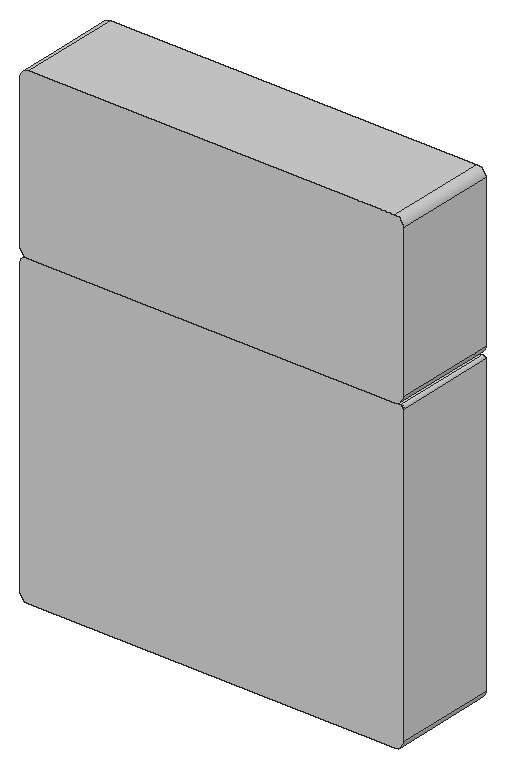
Revit family "Building-IEC309Boards-GEWISS-68QDIN-DISTRIBUTION-BOARD-20MOD_4SOCKET-OUTLETS_IB_VERT_4SOCKET-OUTLETS", category Attrezzatura elettrica, host Muro, Revit 2016
Family settings
  Host = Muro
  Configurazione quadro = Due colonne, circuiti in orizzontale
  Tipo di parte = Pannello comandi
  Quota connettore circolare = Usa diametro
  Numero OmniClass = 23.80.30.11.17
  Titolo OmniClass = Distribution Boards and Control Panels
  Sempre verticale = Sì
  Taglio con vuoti quando caricato = No
  Condiviso = No
  Punto di calcolo locali = No
Parameters (values of type "GW68015N - Q-DIN 20M 4S.O.BL.VR.SBF 4S.O.16A IP65")
  potenza = 400 V
  Working temperature = "-25 ÷ +40 °C"
  Voltaggio = "400V"
  Vista di pianta [instance] = yes
  Vetro = GEWISS - vetro
  Version type = "Empty"
  Version file RFA = "18.0"
  URL = "https://www.gewiss.com/ww/en"
  Thermo-pressure with ball = "70 °C"
  Technical sheet = "https://www.gewiss.com/ww/en/search?q=GW68015N"
  Struttura = GEWISS - Grigio RAL - 7035
  Simbolo Acceso [instance] = yes
  Shock resistance = "IK08"
  SEO = "Board"
  Realized by GEWISS S.p.A. = ""
  Produttore = "GEWISS S.p.A."
  Presa = GEWISS - Grigio RAL - 7035
  Operating temperature: = "-25 +40 °C"
  Offset etichetta nome quadro [instance] = 125 mm
  Numero di poli = 3
  Panel Name [instance] = "NOME"
  No. of provided blank lids = "2 IB 16/32A + 4 IEC 16A"
  No. of modules EN 50022 = "20"
  No. of blank lids supplied = "2 IB 16/32A + 4 IEC 16A"
  No. IB socket-outlets houseable = "4IB 16/32A IP67 + 4 IEC MAX 3P+E 16A"
  Modello = "GW68015N"
  Lunghezza = 450 mm
  Insulation class = "II"
  Installation type = "Surface-mounting"
  Immagine tipo = GW68015N.jpg
  IP degree = "IP65"
  IFC.TypeObject = ""
  IFC.ExportType = ""
  IFC.ExportAs = ""
  IDT = "5bb38b2c-aa49-47b5-9d7c-4db2ea1b42ab"
  IDF = "7c51f678-f399-4c5a-96c9-a6b5e9979826"
  Houseable socket = "4IB 16/32A IP67 + 4 IEC MAX 3P+E 16A"
  H_da terra = 1200 mm
  Glow Wire Test = "650°C"
  Electrocod = "2242"
  ETICHETTA NOME QUADRO [instance] = yes
  EAN code = "8011564744844"
  Distanza orizzontale del simbolo [instance] = 0 mm
  Distanza dal muro [instance] = 0 mm
  Dispersible power B (W) = "92"
  Dispersible power A (W) = "30"
  Descrizione = "Q-DIN 20M 4S.O.BL.VR.SBF 4S.O.16A IP65"
  Colour = "Grey RAL 7035"
  Classificazione carico = Altro
  Catalogue Range = "68 QDIN"
  Catalogue = "BUILDING"
  Carico apparente = 0 VA
  Cornice simbolo [instance] = no
  COBie.Tagnumber = ""
  COBie.CreatedOn = ""
  COBie.CreatebBy = ""
  COBie.ComponentRegisterItemID = ""
  COBie.Component.TagNumber = ""
  COBie.Component.Space = ""
  COBie.Component.SerialNumber = ""
  COBie.Component.InstallationDate = ""
  COBie.Component.Description = ""
  COBie.Component.BarCode = ""
  Altezza = 560 mm
  Accordance with Standards = "EN 60208 - EN 60670-1 - IEC 60670-24"
Reference planes
  plane 1 "Muro": y = 0
  plane 2 "Centro (Sinistra/Destra)": x = 125
  plane 3 "Indietro": y = 75
  plane 4: z = 1200
  plane 5: x = 125
  plane 6: y = 200
Lines and regions (mm)
  Masking region 1, visible <- "Vista di pianta"
    outline origin (0, 0, 0) x (1, 0, 0) y (0, 1, 0)
      loop
        line (-100, 175) -> (-100, 75) -> (350, 75) -> (350, 175) -> (-100, 175)
  Masking region 2
    outline origin (125, 0, 0) x (0, 1, 0) y (0, 0, 1)
      loop
        line (75, 640) -> (195, 640) -> (195, 1002.572) -> (75, 1002.572) -> (75, 640)
  Masking region 3
    outline origin (125, 0, 0) x (0, 1, 0) y (0, 0, 1)
      loop
        line (75, 1033) -> (175, 1033) -> (175, 1200) -> (75, 1200) -> (75, 1033)
Text (mm)
  text "Lato posizionamento" at (-1848.837, 1116.779, 0), in view "Livello rif."
  text "Lato posizionamento" at (0, 1409.804, 2854.306), in view "Sinistra"
  text "Lato posizionamento" at (0, 499.811, 2980.732), in view "Destra"
Dimensions and locks
  locked: plane 3 "Indietro" to host wall
  "H_da terra": level to plane 4
  "Offset etichetta nome quadro": host wall to plane 6
  "Distanza orizzontale del simbolo": plane 5 to plane 2 "Centro (Sinistra/Destra)"
  aligned and locked: plane 1 "Muro" to host wall
  aligned and locked: nested 1 to plane 3 "Indietro"
  aligned and locked: plane 4 to nested 1
  aligned and locked: nested 2 to plane 6
  aligned and locked: plane 5 to nested 3
  aligned and locked: Masking region 1 to nested 1  (x3)
  aligned and locked: Masking region 1 to host wall
  aligned and locked: Masking region 2 sketch curve to nested 1  (x4)
  aligned and locked: Masking region 3 sketch curve to nested 1  (x3)
  aligned and locked: nested 1 to Masking region 3 sketch curve
  aligned and locked: plane 2 "Centro (Sinistra/Destra)" to nested 4
  aligned and locked: nested 4 to plane 4
Automatic sketch dimensions
  host wall to Masking region 1 sketch curve = 0 mm
  Masking region 1 sketch curve to plane 2 "Centro (Sinistra/Destra)" = 225 mm
  plane 2 "Centro (Sinistra/Destra)" to Masking region 1 sketch curve = 225 mm
  host wall to Masking region 1 sketch curve = 100 mm
Nested families
  nested 1: "QDIN20 QUADRO X 4+4 PRESE IND" at (125, 75, 53.117) x (-1, 0, 0) z (0, 0, 1), type "QDIN20 QUADRO X 4+4 PRESE IND"
  nested 2: "NOME QUADRO" at (125, 200, 0), TXT <- "Panel Name", visible <- "ETICHETTA NOME QUADRO", type "NOME QUADRO"
    with TXT "NOME"
  nested 3: "CENTRALINO" at (125, 116.894, 0), BORDO ACCESO <- "Cornice simbolo", SIMBOLO ACCESO <- "Simbolo Acceso", Distanza dal muro <- "Distanza dal muro", type "CENTRALINO"
    with SIMBOLO ACCESO yes, Distanza dal muro 0 mm, BORDO ACCESO no
  nested 4: "2D - QDIN20 QUADRO DISTRIB X4+4 PRESE IND" at (125, 0, 640) x (1, 0, 0) z (0, -1, 0), type "BIDIMENSIONALE"
Connectors
  electrical at (125, 135, 640), driven by "Numero di poli", driven by "Classificazione carico", driven by "potenza", driven by "Carico apparente"
    settings: on nested 1, index 1, voltage 400 V, apparent load 0 VA, apparent load phase1 0 VA, apparent load phase2 0 VA, apparent load phase3 0 VA, power factor 1, load classification "Altro", number of poles 3, system type 31, power factor state 1, is connector primary yes, connector utility no, sub classification motor no, connector description ""
Definition of nested family "QDIN20 QUADRO X 4+4 PRESE IND"
  Parameters (values of type "QDIN20 QUADRO X 4+4 PRESE IND")
    Vetro = none
    Struttura = none
    Spessore = 160 mm
    Default Elevation = 14 mm
    Presa = none
    Lunghezza = 450 mm
    IFC.TypeObject = ""
    IFC.ExportType = ""
    IFC.ExportAs = ""
    H_da terra = 586.883 mm
    COBie.CreatedOn = ""
    COBie.CreatebBy = ""
    COBie.ComponentRegisterItemID = ""
    COBie.Component.TagNumber = ""
    COBie.Component.Space = ""
    COBie.Component.SerialNumber = ""
    COBie.Component.InstallationDate = ""
    COBie.Component.Description = ""
    COBie.Component.BarCode = ""
    Altezza = 560 mm
  Reference planes
    plane 1 "Centro (Fronte/Retro)": y = 0
    plane 2: z = 0
    plane 3 "Centro (Sinistra/Destra)": x = 0
    plane 4 "s": y = -100
    plane 5: z = 586.883
    plane 6: z = 1146.883
    plane 7: x = -225
    plane 8: x = 225
    plane 9: z = 979.883
    plane 10: y = -80.196
    plane 11: x = -222.597
    plane 12: x = 222.589
    plane 13: z = 989.383
    plane 14: z = 1108.347
    plane 15: y = -46.089
    plane 16: y = -87.126
  Forms (mm)
    Extrusion 1, solid, material <- "Struttura"
      sketch origin (0, 0, 0) x (1, 0, 0) y (0, 0, 1)
        loop
          arc (-215, 1146.883) -> (-222.071, 1143.954) -> (-225, 1136.883) r 10
          line (-225, 1136.883) -> (-225, 959.456)
          arc (-225, 959.456) -> (-222.071, 952.384) -> (-215, 949.456) r 10
          line (-215, 949.456) -> (215, 949.456)
          arc (215, 949.456) -> (222.071, 952.384) -> (225, 959.456) r 10
          line (225, 959.456) -> (225, 1136.883)
          arc (225, 1136.883) -> (222.071, 1143.954) -> (215, 1146.883) r 10
          line (215, 1146.883) -> (-215, 1146.883)
      from 0 to 120
    Extrusion 2, solid, material <- "Struttura"
      sketch origin (0, 0, 0) x (1, 0, 0) y (0, 0, 1)
        loop
          line (217.45, 949.456) -> (-221.38, 949.456)
          arc (-221.38, 949.456) -> (-223.94, 948.395) -> (-225, 945.836) r 3.62
          line (-225, 945.836) -> (-225, 596.883)
          arc (-225, 596.883) -> (-222.071, 589.812) -> (-215, 586.883) r 10
          line (-215, 586.883) -> (215, 586.883)
          arc (215, 586.883) -> (222.071, 589.812) -> (225, 596.883) r 10
          line (225, 596.883) -> (225, 941.905)
          arc (225, 941.905) -> (222.789, 947.244) -> (217.45, 949.456) r 7.55
      from 0 to 120
    Extrusion 3, void
      sketch origin (0, 0, 0) x (1, 0, 0) y (0, 0, 1)
        loop
          line (-222.597, 1108.347) -> (-222.597, 989.383) -> (222.589, 989.383) -> (222.589, 1108.347) -> (-222.597, 1108.347)
      from 46.089 to 120
    Extrusion 4, solid, material <- "Vetro", detail levels fine
      sketch origin (0, 0, 0) x (1, 0, 0) y (0, 0, 1)
        loop
          line (-222.597, 1108.347) -> (-222.597, 989.383) -> (222.589, 989.383) -> (222.589, 1108.347) -> (-222.597, 1108.347)
      from 87.126 to 120.5
    Extrusion 5, solid, material <- "Struttura", detail levels fine
      sketch origin (-680, 0, 0) x (1, 0, 0) y (0, 0, 1)
        loop
          arc (474.44, 909.545) -> (469.404, 907.459) -> (467.317, 902.422) r 7.123
          line (467.317, 902.422) -> (467.317, 696.667)
          arc (467.317, 696.667) -> (469.404, 691.63) -> (474.44, 689.543) r 7.123
          line (474.44, 689.543) -> (563.21, 689.543)
          arc (563.21, 689.543) -> (568.247, 691.63) -> (570.333, 696.667) r 7.123
          line (570.333, 696.667) -> (570.333, 902.422)
          arc (570.333, 902.422) -> (568.247, 907.459) -> (563.21, 909.545) r 7.123
          line (563.21, 909.545) -> (474.44, 909.545)
        loop
          arc (581.105, 909.545) -> (576.068, 907.459) -> (573.982, 902.422) r 7.123
          line (573.982, 902.422) -> (573.982, 696.667)
          arc (573.982, 696.667) -> (576.068, 691.63) -> (581.105, 689.543) r 7.123
          line (581.105, 689.543) -> (669.875, 689.543)
          arc (669.875, 689.543) -> (674.912, 691.63) -> (676.998, 696.667) r 7.123
          line (676.998, 696.667) -> (676.998, 902.422)
          arc (676.998, 902.422) -> (674.912, 907.459) -> (669.875, 909.545) r 7.123
          line (669.875, 909.545) -> (581.105, 909.545)
        loop
          arc (687.769, 909.545) -> (682.732, 907.459) -> (680.646, 902.422) r 7.123
          line (680.646, 902.422) -> (680.646, 696.667)
          arc (680.646, 696.667) -> (682.732, 691.63) -> (687.769, 689.543) r 7.123
          line (687.769, 689.543) -> (776.539, 689.543)
          arc (776.539, 689.543) -> (781.576, 691.63) -> (783.662, 696.667) r 7.123
          line (783.662, 696.667) -> (783.662, 902.422)
          arc (783.662, 902.422) -> (781.576, 907.459) -> (776.539, 909.545) r 7.123
          line (776.539, 909.545) -> (687.769, 909.545)
        loop
          arc (794.434, 909.545) -> (789.397, 907.459) -> (787.311, 902.422) r 7.123
          line (787.311, 902.422) -> (787.311, 696.667)
          arc (787.311, 696.667) -> (789.397, 691.63) -> (794.434, 689.543) r 7.123
          line (794.434, 689.543) -> (883.204, 689.543)
          arc (883.204, 689.543) -> (888.241, 691.63) -> (890.327, 696.667) r 7.123
          line (890.327, 696.667) -> (890.327, 902.422)
          arc (890.327, 902.422) -> (888.241, 907.459) -> (883.204, 909.545) r 7.123
          line (883.204, 909.545) -> (794.434, 909.545)
        loop
          line (549.387, 682.296) -> (546.263, 682.296) -> (492.583, 682.296)
          arc (492.583, 682.296) -> (487.495, 680.189) -> (485.387, 675.101) r 7.196
          line (485.387, 675.101) -> (485.387, 599.664)
          arc (485.387, 599.664) -> (487.469, 594.638) -> (492.495, 592.556) r 7.108
          line (492.495, 592.556) -> (546.263, 592.556) -> (549.299, 592.556)
          arc (549.299, 592.556) -> (554.388, 594.663) -> (556.495, 599.751) r 7.196
          line (556.495, 599.751) -> (556.495, 675.188)
          arc (556.495, 675.188) -> (554.413, 680.214) -> (549.387, 682.296) r 7.108
        loop
          line (654.408, 682.296) -> (635.134, 682.296) -> (594.748, 682.296)
          arc (594.748, 682.296) -> (589.66, 680.189) -> (587.552, 675.101) r 7.196
          line (587.552, 675.101) -> (587.552, 599.664)
          arc (587.552, 599.664) -> (589.634, 594.638) -> (594.66, 592.556) r 7.108
          line (594.66, 592.556) -> (635.134, 592.556) -> (654.321, 592.556)
          arc (654.321, 592.556) -> (659.409, 594.663) -> (661.516, 599.751) r 7.196
          line (661.516, 599.751) -> (661.516, 675.188)
          arc (661.516, 675.188) -> (659.434, 680.214) -> (654.408, 682.296) r 7.108
        loop
          line (764.22, 682.296) -> (724.006, 682.296) -> (705.013, 682.296)
          arc (705.013, 682.296) -> (699.925, 680.189) -> (697.818, 675.101) r 7.196
          line (697.818, 675.101) -> (697.818, 599.664)
          arc (697.818, 599.664) -> (699.9, 594.638) -> (704.926, 592.556) r 7.108
          line (704.926, 592.556) -> (724.006, 592.556) -> (764.133, 592.556)
          arc (764.133, 592.556) -> (769.221, 594.663) -> (771.328, 599.751) r 7.196
          line (771.328, 599.751) -> (771.328, 675.188)
          arc (771.328, 675.188) -> (769.247, 680.214) -> (764.22, 682.296) r 7.108
        loop
          line (812.877, 682.296) -> (808.473, 682.296)
          arc (808.473, 682.296) -> (803.385, 680.189) -> (801.277, 675.101) r 7.196
          line (801.277, 675.101) -> (801.277, 599.664)
          arc (801.277, 599.664) -> (803.359, 594.638) -> (808.385, 592.556) r 7.108
          line (808.385, 592.556) -> (812.877, 592.556) -> (867.138, 592.556)
          arc (867.138, 592.556) -> (872.226, 594.663) -> (874.334, 599.751) r 7.196
          line (874.334, 599.751) -> (874.334, 675.188)
          arc (874.334, 675.188) -> (872.252, 680.214) -> (867.226, 682.296) r 7.108
          line (867.226, 682.296) -> (812.877, 682.296)
      from 119 to 122
  Cuts and joins
    Extrusion 3 cuts Extrusion 1
  Dimensions and locks
    plane 4 "s" to plane 1 "Centro (Fronte/Retro)" = 100 mm  (x2)
    "H_da terra": plane 5 to level
    equal spacing: plane 7, plane 3 "Centro (Sinistra/Destra)", plane 8
    "Lunghezza": plane 7 to plane 8
    locked: plane 4 "s" to plane 10 at 19.804
    locked: plane 6 to plane 14 at 38.537
    locked: plane 13 to plane 9 at 9.5
    locked: plane 7 to plane 11 at 2.403
    locked: plane 12 to plane 8 at 2.411
    locked: plane 4 "s" to plane 15 at 53.911
    locked: plane 4 "s" to plane 16 at 12.874
    "Altezza": plane 6 to plane 5
    locked: plane 14 to plane 13 at 118.963
    aligned and locked: level to plane 2
    aligned and locked: Extrusion 1 sketch curve to plane 6
    aligned and locked: Extrusion 1 sketch curve to plane 8
    aligned and locked: Extrusion 1 sketch curve to plane 7
    aligned and locked: Extrusion 2 sketch curve to plane 8
    aligned and locked: Extrusion 2 sketch curve to plane 7
    aligned and locked: Extrusion 2 sketch curve to plane 5
    aligned and locked: Extrusion 3 sketch curve to plane 14
    aligned and locked: plane 12 to Extrusion 3 sketch curve
    aligned and locked: plane 11 to Extrusion 3 sketch curve
    aligned and locked: Extrusion 3 sketch curve to plane 13
    aligned and locked: plane 15 to cut or joined group of Extrusion 1, Extrusion 3
    aligned and locked: Extrusion 4 sketch curve to plane 14
    aligned and locked: plane 12 to Extrusion 4 sketch curve
    aligned and locked: Extrusion 4 sketch curve to plane 13
    aligned and locked: plane 11 to Extrusion 4 sketch curve
    aligned and locked: plane 16 to Extrusion 4
  Automatic sketch dimensions
    Extrusion 1 sketch curve to Extrusion 1 sketch curve = 10 mm  (x2)
    Extrusion 1 sketch curve to plane 7 = 10 mm
    plane 8 to Extrusion 1 sketch curve = 10 mm
    Extrusion 2 sketch curve to Extrusion 2 sketch curve = 3.62 mm
    Extrusion 2 sketch curve to plane 7 = 10 mm
    Extrusion 2 sketch curve to Extrusion 2 sketch curve = 10 mm
    plane 8 to Extrusion 2 sketch curve = 7.55 mm
    plane 8 to Extrusion 5 sketch curve = 437.683 mm
    Extrusion 5 sketch curve to Extrusion 5 sketch curve = 7.123 mm  (x15)
    Extrusion 5 sketch curve to Extrusion 5 sketch curve = 88.77 mm  (x8)
    plane 5 to Extrusion 5 sketch curve = 102.66 mm
    plane 9 to Extrusion 5 sketch curve = 77.461 mm  (x2)
    Extrusion 5 sketch curve to Extrusion 5 sketch curve = 3.648 mm  (x3)
    Extrusion 5 sketch curve to Extrusion 5 sketch curve = 0 mm  (x2)
    plane 5 to Extrusion 5 sketch curve = 12.781 mm
    Extrusion 5 sketch curve to Extrusion 5 sketch curve = 10.947 mm
    Extrusion 5 sketch curve to Extrusion 5 sketch curve = 7.196 mm  (x4)
    Extrusion 5 sketch curve to Extrusion 5 sketch curve = 7.108 mm  (x7)
    Extrusion 5 sketch curve to Extrusion 5 sketch curve = 16.947 mm
    Extrusion 5 sketch curve to Extrusion 5 sketch curve = 53.768 mm
    plane 5 to Extrusion 5 sketch curve = 12.868 mm  (x3)
    Extrusion 5 sketch curve to Extrusion 5 sketch curve = 3.036 mm
    Extrusion 5 sketch curve to Extrusion 5 sketch curve = 14.355 mm  (x4)
    Extrusion 5 sketch curve to Extrusion 5 sketch curve = 31.057 mm
    plane 5 to Extrusion 5 sketch curve = 5.673 mm  (x3)
    Extrusion 5 sketch curve to Extrusion 5 sketch curve = 40.387 mm
    Extrusion 5 sketch curve to Extrusion 5 sketch curve = 40.474 mm
    Extrusion 5 sketch curve to Extrusion 5 sketch curve = 19.186 mm
    Extrusion 5 sketch curve to Extrusion 5 sketch curve = 36.302 mm
    Extrusion 5 sketch curve to Extrusion 5 sketch curve = 19.08 mm
    Extrusion 5 sketch curve to Extrusion 5 sketch curve = 18.992 mm
    Extrusion 5 sketch curve to Extrusion 5 sketch curve = 40.127 mm
    Extrusion 5 sketch curve to Extrusion 5 sketch curve = 12.319 mm
    Extrusion 5 sketch curve to Extrusion 5 sketch curve = 29.949 mm
    Extrusion 5 sketch curve to Extrusion 5 sketch curve = 18.443 mm
    Extrusion 5 sketch curve to Extrusion 5 sketch curve = 4.492 mm
    Extrusion 5 sketch curve to Extrusion 5 sketch curve = 54.349 mm
    Extrusion 5 sketch curve to Extrusion 5 sketch curve = 54.262 mm
    plane 9 to Extrusion 2 sketch curve = 37.978 mm
    plane 13 to Extrusion 1 sketch curve = 29.928 mm
Definition of nested family "NOME QUADRO"
  Parameters (values of type "NOME QUADRO")
    TXT [instance] = ""
  Reference planes
    plane 1: y = 0
    plane 2: x = 0
  Text (mm)
    label "NOME QUADRO" at (0.217, 0.029, 0), shows "TXT"
Definition of nested family "CENTRALINO"
  Parameters (values of type "CENTRALINO")
    SIMBOLO ACCESO [instance] = yes
    Distanza dal muro [instance] = 0 mm
    BORDO ACCESO [instance] = yes
  Reference planes
    plane 1: y = 0
    plane 2: x = 0
  Dimensions and locks
    "Distanza dal muro": plane 1 to nested 1
    aligned and locked: plane 2 to nested 1
  Nested families
    nested 1: "CENTRALINO_BASE" at (0, 0, 0), BORDO ACCESO <- "BORDO ACCESO", visible <- "SIMBOLO ACCESO", type "CENTRALINO"
      with BORDO ACCESO yes
  Definition of nested family "CENTRALINO_BASE"
    Parameters (values of type "CENTRALINO")
      Distanza dal muro = 0 mm
      BORDO ACCESO [instance] = yes
    Reference planes
      plane 1: y = 0
      plane 2: x = 0
    Lines and regions (mm)
      detail lines, visible <- "BORDO ACCESO", not visible
        curve 1: line (-2.443, 10.208, 0) -> (2.057, 10.208, 0)
        curve 2: line (2.057, 10.208, 0) -> (2.057, 4.208, 0)
        curve 3: line (2.057, 4.208, 0) -> (-2.443, 4.208, 0)
        curve 4: line (-2.443, 4.208, 0) -> (-2.443, 10.208, 0)
        curve 5: line (-2.043, 9.808, 0) -> (1.657, 9.808, 0)
        curve 6: line (1.657, 9.808, 0) -> (1.657, 4.608, 0)
        curve 7: line (1.657, 4.608, 0) -> (-2.043, 4.608, 0)
        curve 8: line (-2.043, 4.608, 0) -> (-2.043, 9.808, 0)
      detail lines
        curve 9: line (0, 0.905, 0) -> (0, 0.235, 0)
        curve 10: line (0.659, 0.905, 0) -> (0.659, 1.564, 0)
        curve 11: line (0.659, 1.564, 0) -> (-0.659, 1.564, 0)
        curve 12: line (-0.659, 1.564, 0) -> (-0.659, 0.905, 0)
        curve 13: line (-0.659, 0.905, 0) -> (0.659, 0.905, 0)
        curve 14: line (0.497, 1.564, 0) -> (0.497, 2.235, 0)
        curve 15: line (0.167, 1.564, 0) -> (0.167, 2.235, 0)
        curve 16: line (-0.162, 1.564, 0) -> (-0.162, 2.235, 0)
        curve 17: line (-0.491, 1.564, 0) -> (-0.491, 2.235, 0)
Definition of nested family "2D - QDIN20 QUADRO DISTRIB X4+4 PRESE IND"
  Reference planes
    plane 1 "Centro (Fronte/Retro)": y = 0
    plane 2: z = 0
    plane 3 "Centro (Sinistra/Destra)": x = 0
  Lines and regions (mm)
    model lines, in view "Livello rif."
      curve 1: line (197.291, 357.195, 0) -> (197.291, 494.197, 0)
      curve 2: line (197.291, 494.197, 0) -> (-197.291, 494.197, 0)
      curve 3: line (-197.291, 494.197, 0) -> (-197.291, 357.195, 0)
      curve 4: line (-197.291, 357.195, 0) -> (197.291, 357.195, 0)
      curve 5: line (-225, 545, 0) -> (-225, 15, 0)
      curve 6: line (-225, 15, 0) -> (-224.451, 10.981, 0)
      curve 7: line (-224.451, 10.981, 0) -> (-223.144, 7.773, 0)
      curve 8: line (-223.144, 7.773, 0) -> (-220.607, 4.393, 0)
      curve 9: line (-220.607, 4.393, 0) -> (-217.763, 2.165, 0)
      curve 10: line (-217.763, 2.165, 0) -> (-214.387, 0.656, 0)
      curve 11: line (-214.387, 0.656, 0) -> (-210, 0, 0)
      curve 12: line (-210, 0, 0) -> (210, 0, 0)
      curve 13: line (210, 0, 0) -> (214.387, 0.656, 0)
      curve 14: line (214.387, 0.656, 0) -> (217.763, 2.165, 0)
      curve 15: line (217.763, 2.165, 0) -> (220.607, 4.393, 0)
      curve 16: line (220.607, 4.393, 0) -> (223.144, 7.773, 0)
      curve 17: line (223.144, 7.773, 0) -> (224.451, 10.981, 0)
      curve 18: line (224.451, 10.981, 0) -> (225, 15, 0)
      curve 19: line (225, 15, 0) -> (225, 545, 0)
      curve 20: line (225, 545, 0) -> (224.451, 549.019, 0)
      curve 21: line (224.451, 549.019, 0) -> (223.144, 552.227, 0)
      curve 22: line (223.144, 552.227, 0) -> (220.607, 555.607, 0)
      curve 23: line (220.607, 555.607, 0) -> (217.763, 557.835, 0)
      curve 24: line (217.763, 557.835, 0) -> (214.387, 559.344, 0)
      curve 25: line (214.387, 559.344, 0) -> (210, 560, 0)
      curve 26: line (210, 560, 0) -> (-210, 560, 0)
      curve 27: line (-210, 560, 0) -> (-214.387, 559.344, 0)
      curve 28: line (-214.387, 559.344, 0) -> (-217.763, 557.835, 0)
      curve 29: line (-217.763, 557.835, 0) -> (-220.607, 555.607, 0)
      curve 30: line (-220.607, 555.607, 0) -> (-223.144, 552.227, 0)
      curve 31: line (-223.144, 552.227, 0) -> (-224.451, 549.019, 0)
      curve 32: line (-224.451, 549.019, 0) -> (-225, 545, 0)
      curve 33: line (-179.998, 467.5, 0) -> (180.002, 467.5, 0)
      curve 34: line (180.002, 467.5, 0) -> (180.002, 422.5, 0)
      curve 35: line (180.002, 422.5, 0) -> (-179.998, 422.5, 0)
      curve 36: line (-179.998, 422.5, 0) -> (-179.998, 467.5, 0)
      curve 37: line (-197.291, 379.715, 0) -> (197.291, 379.715, 0)
      curve 38: line (-35.454, 376.127, 0) -> (-35, 377.567, 0)
      curve 39: line (-35, 377.567, 0) -> (-35, 379.715, 0)
      curve 40: line (-35, 379.715, 0) -> (-35, 381.972, 0)
      curve 41: line (-35, 381.972, 0) -> (-36.201, 383.745, 0)
      curve 42: line (-36.201, 383.745, 0) -> (-38.012, 386.915, 0)
      curve 43: line (-38.012, 386.915, 0) -> (-40.77, 388.305, 0)
      curve 44: line (-40.77, 388.305, 0) -> (-43.662, 389.192, 0)
      curve 45: line (-43.662, 389.192, 0) -> (-46.027, 389.544, 0)
      curve 46: line (-46.027, 389.544, 0) -> (-47.5, 389.604, 0)
      curve 47: line (-47.5, 389.604, 0) -> (-132.5, 389.604, 0)
      curve 48: line (-132.5, 389.604, 0) -> (-133.973, 389.544, 0)
      curve 49: line (-133.973, 389.544, 0) -> (-136.338, 389.192, 0)
      curve 50: line (-136.338, 389.192, 0) -> (-139.23, 388.305, 0)
      curve 51: line (-139.23, 388.305, 0) -> (-141.988, 386.915, 0)
      curve 52: line (-141.988, 386.915, 0) -> (-143.799, 383.745, 0)
      curve 53: line (-143.799, 383.745, 0) -> (-145, 381.972, 0)
      curve 54: line (-145, 381.972, 0) -> (-145, 379.715, 0)
      curve 55: line (-145, 379.715, 0) -> (-145, 377.567, 0)
      curve 56: line (-145, 377.567, 0) -> (-144.546, 376.127, 0)
      curve 57: line (-47.5, 369.345, 0) -> (-80.224, 369.345, 0)
      curve 58: line (-35.454, 376.127, 0) -> (-33.913, 376.127, 0)
      curve 59: line (-33.913, 376.127, 0) -> (-33.63, 375.959, 0)
      curve 60: line (-33.63, 375.959, 0) -> (-35.818, 373.437, 0)
      curve 61: line (-35.818, 373.437, 0) -> (-39.198, 371.238, 0)
      curve 62: line (-39.198, 371.238, 0) -> (-42.199, 370.036, 0)
      curve 63: line (-42.199, 370.036, 0) -> (-44.774, 369.51, 0)
      curve 64: line (-44.774, 369.51, 0) -> (-47.5, 369.345, 0)
      curve 65: line (-144.182, 373.437, 0) -> (-140.802, 371.238, 0)
      curve 66: line (-140.802, 371.238, 0) -> (-137.801, 370.036, 0)
      curve 67: line (-137.801, 370.036, 0) -> (-135.226, 369.51, 0)
      curve 68: line (-135.226, 369.51, 0) -> (-132.5, 369.345, 0)
      curve 69: line (-132.5, 369.345, 0) -> (-99.776, 369.345, 0)
      curve 70: line (-144.546, 376.127, 0) -> (-146.087, 376.127, 0)
      curve 71: line (-146.087, 376.127, 0) -> (-146.37, 375.959, 0)
      curve 72: line (-146.37, 375.959, 0) -> (-144.182, 373.437, 0)
      curve 73: line (-89.99, 359.037, 0) -> (-94.782, 360.321, 0)
      curve 74: line (-94.782, 360.321, 0) -> (-98.289, 363.829, 0)
      curve 75: line (-98.289, 363.829, 0) -> (-99.573, 368.62, 0)
      curve 76: line (-99.573, 368.62, 0) -> (-98.289, 373.412, 0)
      curve 77: line (-98.289, 373.412, 0) -> (-94.782, 376.919, 0)
      curve 78: line (-94.782, 376.919, 0) -> (-89.99, 378.203, 0)
      curve 79: line (-89.99, 378.203, 0) -> (-85.198, 376.919, 0)
      curve 80: line (-85.198, 376.919, 0) -> (-81.691, 373.412, 0)
      curve 81: line (-81.691, 373.412, 0) -> (-80.407, 368.62, 0)
      curve 82: line (-80.407, 368.62, 0) -> (-81.691, 363.829, 0)
      curve 83: line (-81.691, 363.829, 0) -> (-85.198, 360.321, 0)
      curve 84: line (-85.198, 360.321, 0) -> (-89.99, 359.037, 0)
      curve 85: line (132.503, 369.345, 0) -> (99.78, 369.345, 0)
      curve 86: line (144.549, 376.127, 0) -> (146.091, 376.127, 0)
      curve 87: line (146.091, 376.127, 0) -> (146.374, 375.959, 0)
      curve 88: line (146.374, 375.959, 0) -> (144.186, 373.437, 0)
      curve 89: line (144.186, 373.437, 0) -> (140.806, 371.238, 0)
      curve 90: line (140.806, 371.238, 0) -> (137.804, 370.036, 0)
      curve 91: line (137.804, 370.036, 0) -> (135.229, 369.51, 0)
      curve 92: line (135.229, 369.51, 0) -> (132.503, 369.345, 0)
      curve 93: line (35.821, 373.437, 0) -> (39.201, 371.238, 0)
      curve 94: line (39.201, 371.238, 0) -> (42.203, 370.036, 0)
      curve 95: line (42.203, 370.036, 0) -> (44.778, 369.51, 0)
      curve 96: line (44.778, 369.51, 0) -> (47.503, 369.345, 0)
      curve 97: line (47.503, 369.345, 0) -> (80.227, 369.345, 0)
      curve 98: line (35.458, 376.127, 0) -> (33.916, 376.127, 0)
      curve 99: line (33.916, 376.127, 0) -> (33.633, 375.959, 0)
      curve 100: line (33.633, 375.959, 0) -> (35.821, 373.437, 0)
      curve 101: line (35.458, 376.127, 0) -> (35.003, 377.567, 0)
      curve 102: line (35.003, 377.567, 0) -> (35.003, 379.715, 0)
      curve 103: line (35.003, 379.715, 0) -> (35.003, 381.972, 0)
      curve 104: line (35.003, 381.972, 0) -> (36.204, 383.745, 0)
      curve 105: line (36.204, 383.745, 0) -> (38.016, 386.915, 0)
      curve 106: line (38.016, 386.915, 0) -> (40.773, 388.305, 0)
      curve 107: line (40.773, 388.305, 0) -> (43.665, 389.192, 0)
      curve 108: line (43.665, 389.192, 0) -> (46.031, 389.544, 0)
      curve 109: line (46.031, 389.544, 0) -> (47.503, 389.604, 0)
      curve 110: line (47.503, 389.604, 0) -> (132.503, 389.604, 0)
      curve 111: line (132.503, 389.604, 0) -> (133.976, 389.544, 0)
      curve 112: line (133.976, 389.544, 0) -> (136.342, 389.192, 0)
      curve 113: line (136.342, 389.192, 0) -> (139.234, 388.305, 0)
      curve 114: line (139.234, 388.305, 0) -> (141.991, 386.915, 0)
      curve 115: line (141.991, 386.915, 0) -> (143.803, 383.745, 0)
      curve 116: line (143.803, 383.745, 0) -> (145.003, 381.972, 0)
      curve 117: line (145.003, 381.972, 0) -> (145.003, 379.715, 0)
      curve 118: line (145.003, 379.715, 0) -> (145.003, 377.567, 0)
      curve 119: line (145.003, 377.567, 0) -> (144.549, 376.127, 0)
      curve 120: line (90.014, 359.037, 0) -> (85.222, 360.321, 0)
      curve 121: line (85.222, 360.321, 0) -> (81.714, 363.829, 0)
      curve 122: line (81.714, 363.829, 0) -> (80.43, 368.62, 0)
      curve 123: line (80.43, 368.62, 0) -> (81.714, 373.412, 0)
      curve 124: line (81.714, 373.412, 0) -> (85.222, 376.919, 0)
      curve 125: line (85.222, 376.919, 0) -> (90.014, 378.203, 0)
      curve 126: line (90.014, 378.203, 0) -> (94.805, 376.919, 0)
      curve 127: line (94.805, 376.919, 0) -> (98.313, 373.412, 0)
      curve 128: line (98.313, 373.412, 0) -> (99.597, 368.62, 0)
      curve 129: line (99.597, 368.62, 0) -> (98.313, 363.829, 0)
      curve 130: line (98.313, 363.829, 0) -> (94.805, 360.321, 0)
      curve 131: line (94.805, 360.321, 0) -> (90.014, 359.037, 0)
      curve 132: line (-200.993, 313.952, 0) -> (-199.695, 313.604, 0)
      curve 133: line (-199.695, 313.604, 0) -> (-198.745, 312.654, 0)
      curve 134: line (-198.745, 312.654, 0) -> (-198.397, 311.356, 0)
      curve 135: line (-198.397, 311.356, 0) -> (-198.745, 310.057, 0)
      curve 136: line (-198.745, 310.057, 0) -> (-199.695, 309.107, 0)
      curve 137: line (-199.695, 309.107, 0) -> (-200.993, 308.759, 0)
      curve 138: line (-200.993, 308.759, 0) -> (-202.291, 309.107, 0)
      curve 139: line (-202.291, 309.107, 0) -> (-203.242, 310.057, 0)
      curve 140: line (-203.242, 310.057, 0) -> (-203.589, 311.356, 0)
      curve 141: line (-203.589, 311.356, 0) -> (-203.242, 312.654, 0)
      curve 142: line (-203.242, 312.654, 0) -> (-202.291, 313.604, 0)
      curve 143: line (-202.291, 313.604, 0) -> (-200.993, 313.952, 0)
      curve 144: line (-108.317, 107.67, 0) -> (-108.317, 313.425, 0)
      curve 145: line (-108.317, 313.425, 0) -> (-108.833, 316.088, 0)
      curve 146: line (-108.833, 316.088, 0) -> (-110.403, 318.462, 0)
      curve 147: line (-110.403, 318.462, 0) -> (-112.561, 319.941, 0)
      curve 148: line (-112.561, 319.941, 0) -> (-115.44, 320.548, 0)
      curve 149: line (-115.44, 320.548, 0) -> (-204.21, 320.548, 0)
      curve 150: line (-204.21, 320.548, 0) -> (-207.089, 319.941, 0)
      curve 151: line (-207.089, 319.941, 0) -> (-209.247, 318.462, 0)
      curve 152: line (-209.247, 318.462, 0) -> (-210.817, 316.088, 0)
      curve 153: line (-210.817, 316.088, 0) -> (-211.333, 313.425, 0)
      curve 154: line (-211.333, 313.425, 0) -> (-211.333, 107.67, 0)
      curve 155: line (-211.333, 107.67, 0) -> (-210.817, 105.007, 0)
      curve 156: line (-210.817, 105.007, 0) -> (-209.247, 102.633, 0)
      curve 157: line (-209.247, 102.633, 0) -> (-207.089, 101.154, 0)
      curve 158: line (-207.089, 101.154, 0) -> (-204.21, 100.547, 0)
      curve 159: line (-204.21, 100.547, 0) -> (-115.44, 100.547, 0)
      curve 160: line (-115.44, 100.547, 0) -> (-112.561, 101.154, 0)
      curve 161: line (-112.561, 101.154, 0) -> (-110.403, 102.633, 0)
      curve 162: line (-110.403, 102.633, 0) -> (-108.833, 105.007, 0)
      curve 163: line (-108.833, 105.007, 0) -> (-108.317, 107.67, 0)
      curve 164: line (-118.657, 313.952, 0) -> (-119.955, 313.604, 0)
      curve 165: line (-119.955, 313.604, 0) -> (-120.905, 312.654, 0)
      curve 166: line (-120.905, 312.654, 0) -> (-121.253, 311.356, 0)
      curve 167: line (-121.253, 311.356, 0) -> (-120.905, 310.057, 0)
      curve 168: line (-120.905, 310.057, 0) -> (-119.955, 309.107, 0)
      curve 169: line (-119.955, 309.107, 0) -> (-118.657, 308.759, 0)
      curve 170: line (-118.657, 308.759, 0) -> (-117.359, 309.107, 0)
      curve 171: line (-117.359, 309.107, 0) -> (-116.408, 310.057, 0)
      curve 172: line (-116.408, 310.057, 0) -> (-116.06, 311.356, 0)
      curve 173: line (-116.06, 311.356, 0) -> (-116.408, 312.654, 0)
      curve 174: line (-116.408, 312.654, 0) -> (-117.359, 313.604, 0)
      curve 175: line (-117.359, 313.604, 0) -> (-118.657, 313.952, 0)
      curve 176: line (-200.993, 107.143, 0) -> (-199.695, 107.491, 0)
      curve 177: line (-199.695, 107.491, 0) -> (-198.745, 108.441, 0)
      curve 178: line (-198.745, 108.441, 0) -> (-198.397, 109.739, 0)
      curve 179: line (-198.397, 109.739, 0) -> (-198.745, 111.038, 0)
      curve 180: line (-198.745, 111.038, 0) -> (-199.695, 111.988, 0)
      curve 181: line (-199.695, 111.988, 0) -> (-200.993, 112.336, 0)
      curve 182: line (-200.993, 112.336, 0) -> (-202.291, 111.988, 0)
      curve 183: line (-202.291, 111.988, 0) -> (-203.242, 111.038, 0)
      curve 184: line (-203.242, 111.038, 0) -> (-203.589, 109.739, 0)
      curve 185: line (-203.589, 109.739, 0) -> (-203.242, 108.441, 0)
      curve 186: line (-203.242, 108.441, 0) -> (-202.291, 107.491, 0)
      curve 187: line (-202.291, 107.491, 0) -> (-200.993, 107.143, 0)
      curve 188: line (-118.657, 107.143, 0) -> (-119.955, 107.491, 0)
      curve 189: line (-119.955, 107.491, 0) -> (-120.905, 108.441, 0)
      curve 190: line (-120.905, 108.441, 0) -> (-121.253, 109.739, 0)
      curve 191: line (-121.253, 109.739, 0) -> (-120.905, 111.038, 0)
      curve 192: line (-120.905, 111.038, 0) -> (-119.955, 111.988, 0)
      curve 193: line (-119.955, 111.988, 0) -> (-118.657, 112.336, 0)
      curve 194: line (-118.657, 112.336, 0) -> (-117.359, 111.988, 0)
      curve 195: line (-117.359, 111.988, 0) -> (-116.408, 111.038, 0)
      curve 196: line (-116.408, 111.038, 0) -> (-116.06, 109.739, 0)
      curve 197: line (-116.06, 109.739, 0) -> (-116.408, 108.441, 0)
      curve 198: line (-116.408, 108.441, 0) -> (-117.359, 107.491, 0)
      curve 199: line (-117.359, 107.491, 0) -> (-118.657, 107.143, 0)
      curve 200: line (-94.443, 313.952, 0) -> (-93.145, 313.604, 0)
      curve 201: line (-93.145, 313.604, 0) -> (-92.195, 312.654, 0)
      curve 202: line (-92.195, 312.654, 0) -> (-91.847, 311.356, 0)
      curve 203: line (-91.847, 311.356, 0) -> (-92.195, 310.057, 0)
      curve 204: line (-92.195, 310.057, 0) -> (-93.145, 309.107, 0)
      curve 205: line (-93.145, 309.107, 0) -> (-94.443, 308.759, 0)
      curve 206: line (-94.443, 308.759, 0) -> (-95.741, 309.107, 0)
      curve 207: line (-95.741, 309.107, 0) -> (-96.692, 310.057, 0)
      curve 208: line (-96.692, 310.057, 0) -> (-97.039, 311.356, 0)
      curve 209: line (-97.039, 311.356, 0) -> (-96.692, 312.654, 0)
      curve 210: line (-96.692, 312.654, 0) -> (-95.741, 313.604, 0)
      curve 211: line (-95.741, 313.604, 0) -> (-94.443, 313.952, 0)
      curve 212: line (-1.767, 107.67, 0) -> (-1.767, 313.425, 0)
      curve 213: line (-1.767, 313.425, 0) -> (-2.283, 316.088, 0)
      curve 214: line (-2.283, 316.088, 0) -> (-3.853, 318.462, 0)
      curve 215: line (-3.853, 318.462, 0) -> (-6.011, 319.941, 0)
      curve 216: line (-6.011, 319.941, 0) -> (-8.89, 320.548, 0)
      curve 217: line (-8.89, 320.548, 0) -> (-97.66, 320.548, 0)
      curve 218: line (-97.66, 320.548, 0) -> (-100.539, 319.941, 0)
      curve 219: line (-100.539, 319.941, 0) -> (-102.697, 318.462, 0)
      curve 220: line (-102.697, 318.462, 0) -> (-104.267, 316.088, 0)
      curve 221: line (-104.267, 316.088, 0) -> (-104.783, 313.425, 0)
      curve 222: line (-104.783, 313.425, 0) -> (-104.783, 107.67, 0)
      curve 223: line (-104.783, 107.67, 0) -> (-104.267, 105.007, 0)
      curve 224: line (-104.267, 105.007, 0) -> (-102.697, 102.633, 0)
      curve 225: line (-102.697, 102.633, 0) -> (-100.539, 101.154, 0)
      curve 226: line (-100.539, 101.154, 0) -> (-97.66, 100.547, 0)
      curve 227: line (-97.66, 100.547, 0) -> (-8.89, 100.547, 0)
      curve 228: line (-8.89, 100.547, 0) -> (-6.011, 101.154, 0)
      curve 229: line (-6.011, 101.154, 0) -> (-3.853, 102.633, 0)
      curve 230: line (-3.853, 102.633, 0) -> (-2.283, 105.007, 0)
      curve 231: line (-2.283, 105.007, 0) -> (-1.767, 107.67, 0)
      curve 232: line (-12.107, 313.952, 0) -> (-13.405, 313.604, 0)
      curve 233: line (-13.405, 313.604, 0) -> (-14.355, 312.654, 0)
      curve 234: line (-14.355, 312.654, 0) -> (-14.703, 311.356, 0)
      curve 235: line (-14.703, 311.356, 0) -> (-14.355, 310.057, 0)
      curve 236: line (-14.355, 310.057, 0) -> (-13.405, 309.107, 0)
      curve 237: line (-13.405, 309.107, 0) -> (-12.107, 308.759, 0)
      curve 238: line (-12.107, 308.759, 0) -> (-10.809, 309.107, 0)
      curve 239: line (-10.809, 309.107, 0) -> (-9.858, 310.057, 0)
      curve 240: line (-9.858, 310.057, 0) -> (-9.511, 311.356, 0)
      curve 241: line (-9.511, 311.356, 0) -> (-9.858, 312.654, 0)
      curve 242: line (-9.858, 312.654, 0) -> (-10.809, 313.604, 0)
      curve 243: line (-10.809, 313.604, 0) -> (-12.107, 313.952, 0)
      curve 244: line (-94.443, 107.143, 0) -> (-93.145, 107.491, 0)
      curve 245: line (-93.145, 107.491, 0) -> (-92.195, 108.441, 0)
      curve 246: line (-92.195, 108.441, 0) -> (-91.847, 109.739, 0)
      curve 247: line (-91.847, 109.739, 0) -> (-92.195, 111.038, 0)
      curve 248: line (-92.195, 111.038, 0) -> (-93.145, 111.988, 0)
      curve 249: line (-93.145, 111.988, 0) -> (-94.443, 112.336, 0)
      curve 250: line (-94.443, 112.336, 0) -> (-95.741, 111.988, 0)
      curve 251: line (-95.741, 111.988, 0) -> (-96.692, 111.038, 0)
      curve 252: line (-96.692, 111.038, 0) -> (-97.039, 109.739, 0)
      curve 253: line (-97.039, 109.739, 0) -> (-96.692, 108.441, 0)
      curve 254: line (-96.692, 108.441, 0) -> (-95.741, 107.491, 0)
      curve 255: line (-95.741, 107.491, 0) -> (-94.443, 107.143, 0)
      curve 256: line (-12.107, 107.143, 0) -> (-13.405, 107.491, 0)
      curve 257: line (-13.405, 107.491, 0) -> (-14.355, 108.441, 0)
      curve 258: line (-14.355, 108.441, 0) -> (-14.703, 109.739, 0)
      curve 259: line (-14.703, 109.739, 0) -> (-14.355, 111.038, 0)
      curve 260: line (-14.355, 111.038, 0) -> (-13.405, 111.988, 0)
      curve 261: line (-13.405, 111.988, 0) -> (-12.107, 112.336, 0)
      curve 262: line (-12.107, 112.336, 0) -> (-10.809, 111.988, 0)
      curve 263: line (-10.809, 111.988, 0) -> (-9.858, 111.038, 0)
      curve 264: line (-9.858, 111.038, 0) -> (-9.511, 109.739, 0)
      curve 265: line (-9.511, 109.739, 0) -> (-9.858, 108.441, 0)
      curve 266: line (-9.858, 108.441, 0) -> (-10.809, 107.491, 0)
      curve 267: line (-10.809, 107.491, 0) -> (-12.107, 107.143, 0)
      curve 268: line (12.107, 313.952, 0) -> (13.405, 313.604, 0)
      curve 269: line (13.405, 313.604, 0) -> (14.355, 312.654, 0)
      curve 270: line (14.355, 312.654, 0) -> (14.703, 311.356, 0)
      curve 271: line (14.703, 311.356, 0) -> (14.355, 310.057, 0)
      curve 272: line (14.355, 310.057, 0) -> (13.405, 309.107, 0)
      curve 273: line (13.405, 309.107, 0) -> (12.107, 308.759, 0)
      curve 274: line (12.107, 308.759, 0) -> (10.809, 309.107, 0)
      curve 275: line (10.809, 309.107, 0) -> (9.858, 310.057, 0)
      curve 276: line (9.858, 310.057, 0) -> (9.511, 311.356, 0)
      curve 277: line (9.511, 311.356, 0) -> (9.858, 312.654, 0)
      curve 278: line (9.858, 312.654, 0) -> (10.809, 313.604, 0)
      curve 279: line (10.809, 313.604, 0) -> (12.107, 313.952, 0)
      curve 280: line (104.783, 107.67, 0) -> (104.783, 313.425, 0)
      curve 281: line (104.783, 313.425, 0) -> (104.267, 316.088, 0)
      curve 282: line (104.267, 316.088, 0) -> (102.697, 318.462, 0)
      curve 283: line (102.697, 318.462, 0) -> (100.539, 319.941, 0)
      curve 284: line (100.539, 319.941, 0) -> (97.66, 320.548, 0)
      curve 285: line (97.66, 320.548, 0) -> (8.89, 320.548, 0)
      curve 286: line (8.89, 320.548, 0) -> (6.011, 319.941, 0)
      curve 287: line (6.011, 319.941, 0) -> (3.853, 318.462, 0)
      curve 288: line (3.853, 318.462, 0) -> (2.283, 316.088, 0)
      curve 289: line (2.283, 316.088, 0) -> (1.767, 313.425, 0)
      curve 290: line (1.767, 313.425, 0) -> (1.767, 107.67, 0)
      curve 291: line (1.767, 107.67, 0) -> (2.283, 105.007, 0)
      curve 292: line (2.283, 105.007, 0) -> (3.853, 102.633, 0)
      curve 293: line (3.853, 102.633, 0) -> (6.011, 101.154, 0)
      curve 294: line (6.011, 101.154, 0) -> (8.89, 100.547, 0)
      curve 295: line (8.89, 100.547, 0) -> (97.66, 100.547, 0)
      curve 296: line (97.66, 100.547, 0) -> (100.539, 101.154, 0)
      curve 297: line (100.539, 101.154, 0) -> (102.697, 102.633, 0)
      curve 298: line (102.697, 102.633, 0) -> (104.267, 105.007, 0)
      curve 299: line (104.267, 105.007, 0) -> (104.783, 107.67, 0)
      curve 300: line (94.443, 313.952, 0) -> (93.145, 313.604, 0)
      curve 301: line (93.145, 313.604, 0) -> (92.195, 312.654, 0)
      curve 302: line (92.195, 312.654, 0) -> (91.847, 311.356, 0)
      curve 303: line (91.847, 311.356, 0) -> (92.195, 310.057, 0)
      curve 304: line (92.195, 310.057, 0) -> (93.145, 309.107, 0)
      curve 305: line (93.145, 309.107, 0) -> (94.443, 308.759, 0)
      curve 306: line (94.443, 308.759, 0) -> (95.741, 309.107, 0)
      curve 307: line (95.741, 309.107, 0) -> (96.692, 310.057, 0)
      curve 308: line (96.692, 310.057, 0) -> (97.039, 311.356, 0)
      curve 309: line (97.039, 311.356, 0) -> (96.692, 312.654, 0)
      curve 310: line (96.692, 312.654, 0) -> (95.741, 313.604, 0)
      curve 311: line (95.741, 313.604, 0) -> (94.443, 313.952, 0)
      curve 312: line (12.107, 107.143, 0) -> (13.405, 107.491, 0)
      curve 313: line (13.405, 107.491, 0) -> (14.355, 108.441, 0)
      curve 314: line (14.355, 108.441, 0) -> (14.703, 109.739, 0)
      curve 315: line (14.703, 109.739, 0) -> (14.355, 111.038, 0)
      curve 316: line (14.355, 111.038, 0) -> (13.405, 111.988, 0)
      curve 317: line (13.405, 111.988, 0) -> (12.107, 112.336, 0)
      curve 318: line (12.107, 112.336, 0) -> (10.809, 111.988, 0)
      curve 319: line (10.809, 111.988, 0) -> (9.858, 111.038, 0)
      curve 320: line (9.858, 111.038, 0) -> (9.511, 109.739, 0)
      curve 321: line (9.511, 109.739, 0) -> (9.858, 108.441, 0)
      curve 322: line (9.858, 108.441, 0) -> (10.809, 107.491, 0)
      curve 323: line (10.809, 107.491, 0) -> (12.107, 107.143, 0)
      curve 324: line (94.443, 107.143, 0) -> (93.145, 107.491, 0)
      curve 325: line (93.145, 107.491, 0) -> (92.195, 108.441, 0)
      curve 326: line (92.195, 108.441, 0) -> (91.847, 109.739, 0)
      curve 327: line (91.847, 109.739, 0) -> (92.195, 111.038, 0)
      curve 328: line (92.195, 111.038, 0) -> (93.145, 111.988, 0)
      curve 329: line (93.145, 111.988, 0) -> (94.443, 112.336, 0)
      curve 330: line (94.443, 112.336, 0) -> (95.741, 111.988, 0)
      curve 331: line (95.741, 111.988, 0) -> (96.692, 111.038, 0)
      curve 332: line (96.692, 111.038, 0) -> (97.039, 109.739, 0)
      curve 333: line (97.039, 109.739, 0) -> (96.692, 108.441, 0)
      curve 334: line (96.692, 108.441, 0) -> (95.741, 107.491, 0)
      curve 335: line (95.741, 107.491, 0) -> (94.443, 107.143, 0)
      curve 336: line (118.657, 313.952, 0) -> (119.955, 313.604, 0)
      curve 337: line (119.955, 313.604, 0) -> (120.905, 312.654, 0)
      curve 338: line (120.905, 312.654, 0) -> (121.253, 311.356, 0)
      curve 339: line (121.253, 311.356, 0) -> (120.905, 310.057, 0)
      curve 340: line (120.905, 310.057, 0) -> (119.955, 309.107, 0)
      curve 341: line (119.955, 309.107, 0) -> (118.657, 308.759, 0)
      curve 342: line (118.657, 308.759, 0) -> (117.359, 309.107, 0)
      curve 343: line (117.359, 309.107, 0) -> (116.408, 310.057, 0)
      curve 344: line (116.408, 310.057, 0) -> (116.06, 311.356, 0)
      curve 345: line (116.06, 311.356, 0) -> (116.408, 312.654, 0)
      curve 346: line (116.408, 312.654, 0) -> (117.359, 313.604, 0)
      curve 347: line (117.359, 313.604, 0) -> (118.657, 313.952, 0)
      curve 348: line (211.333, 107.67, 0) -> (211.333, 313.425, 0)
      curve 349: line (211.333, 313.425, 0) -> (210.817, 316.088, 0)
      curve 350: line (210.817, 316.088, 0) -> (209.247, 318.462, 0)
      curve 351: line (209.247, 318.462, 0) -> (207.089, 319.941, 0)
      curve 352: line (207.089, 319.941, 0) -> (204.21, 320.548, 0)
      curve 353: line (204.21, 320.548, 0) -> (115.44, 320.548, 0)
      curve 354: line (115.44, 320.548, 0) -> (112.561, 319.941, 0)
      curve 355: line (112.561, 319.941, 0) -> (110.403, 318.462, 0)
      curve 356: line (110.403, 318.462, 0) -> (108.833, 316.088, 0)
      curve 357: line (108.833, 316.088, 0) -> (108.317, 313.425, 0)
      curve 358: line (108.317, 313.425, 0) -> (108.317, 107.67, 0)
      curve 359: line (108.317, 107.67, 0) -> (108.833, 105.007, 0)
      curve 360: line (108.833, 105.007, 0) -> (110.403, 102.633, 0)
      curve 361: line (110.403, 102.633, 0) -> (112.561, 101.154, 0)
      curve 362: line (112.561, 101.154, 0) -> (115.44, 100.547, 0)
      curve 363: line (115.44, 100.547, 0) -> (204.21, 100.547, 0)
      curve 364: line (204.21, 100.547, 0) -> (207.089, 101.154, 0)
      curve 365: line (207.089, 101.154, 0) -> (209.247, 102.633, 0)
      curve 366: line (209.247, 102.633, 0) -> (210.817, 105.007, 0)
      curve 367: line (210.817, 105.007, 0) -> (211.333, 107.67, 0)
      curve 368: line (200.993, 313.952, 0) -> (199.695, 313.604, 0)
      curve 369: line (199.695, 313.604, 0) -> (198.745, 312.654, 0)
      curve 370: line (198.745, 312.654, 0) -> (198.397, 311.356, 0)
      curve 371: line (198.397, 311.356, 0) -> (198.745, 310.057, 0)
      curve 372: line (198.745, 310.057, 0) -> (199.695, 309.107, 0)
      curve 373: line (199.695, 309.107, 0) -> (200.993, 308.759, 0)
      curve 374: line (200.993, 308.759, 0) -> (202.291, 309.107, 0)
      curve 375: line (202.291, 309.107, 0) -> (203.242, 310.057, 0)
      curve 376: line (203.242, 310.057, 0) -> (203.589, 311.356, 0)
      curve 377: line (203.589, 311.356, 0) -> (203.242, 312.654, 0)
      curve 378: line (203.242, 312.654, 0) -> (202.291, 313.604, 0)
      curve 379: line (202.291, 313.604, 0) -> (200.993, 313.952, 0)
      curve 380: line (118.657, 107.143, 0) -> (119.955, 107.491, 0)
      curve 381: line (119.955, 107.491, 0) -> (120.905, 108.441, 0)
      curve 382: line (120.905, 108.441, 0) -> (121.253, 109.739, 0)
      curve 383: line (121.253, 109.739, 0) -> (120.905, 111.038, 0)
      curve 384: line (120.905, 111.038, 0) -> (119.955, 111.988, 0)
      curve 385: line (119.955, 111.988, 0) -> (118.657, 112.336, 0)
      curve 386: line (118.657, 112.336, 0) -> (117.359, 111.988, 0)
      curve 387: line (117.359, 111.988, 0) -> (116.408, 111.038, 0)
      curve 388: line (116.408, 111.038, 0) -> (116.06, 109.739, 0)
      curve 389: line (116.06, 109.739, 0) -> (116.408, 108.441, 0)
      curve 390: line (116.408, 108.441, 0) -> (117.359, 107.491, 0)
      curve 391: line (117.359, 107.491, 0) -> (118.657, 107.143, 0)
      curve 392: line (200.993, 107.143, 0) -> (199.695, 107.491, 0)
      curve 393: line (199.695, 107.491, 0) -> (198.745, 108.441, 0)
      curve 394: line (198.745, 108.441, 0) -> (198.397, 109.739, 0)
      curve 395: line (198.397, 109.739, 0) -> (198.745, 111.038, 0)
      curve 396: line (198.745, 111.038, 0) -> (199.695, 111.988, 0)
      curve 397: line (199.695, 111.988, 0) -> (200.993, 112.336, 0)
      curve 398: line (200.993, 112.336, 0) -> (202.291, 111.988, 0)
      curve 399: line (202.291, 111.988, 0) -> (203.242, 111.038, 0)
      curve 400: line (203.242, 111.038, 0) -> (203.589, 109.739, 0)
      curve 401: line (203.589, 109.739, 0) -> (203.242, 108.441, 0)
      curve 402: line (203.242, 108.441, 0) -> (202.291, 107.491, 0)
      curve 403: line (202.291, 107.491, 0) -> (200.993, 107.143, 0)
      curve 404: line (-187.863, 92.545, 0) -> (-186.565, 92.197, 0)
      curve 405: line (-186.565, 92.197, 0) -> (-185.615, 91.247, 0)
      curve 406: line (-185.615, 91.247, 0) -> (-185.267, 89.948, 0)
      curve 407: line (-185.267, 89.948, 0) -> (-185.615, 88.65, 0)
      curve 408: line (-185.615, 88.65, 0) -> (-186.565, 87.7, 0)
      curve 409: line (-186.565, 87.7, 0) -> (-187.863, 87.352, 0)
      curve 410: line (-187.863, 87.352, 0) -> (-189.161, 87.7, 0)
      curve 411: line (-189.161, 87.7, 0) -> (-190.112, 88.65, 0)
      curve 412: line (-190.112, 88.65, 0) -> (-190.459, 89.948, 0)
      curve 413: line (-190.459, 89.948, 0) -> (-190.112, 91.247, 0)
      curve 414: line (-190.112, 91.247, 0) -> (-189.161, 92.197, 0)
      curve 415: line (-189.161, 92.197, 0) -> (-187.863, 92.545, 0)
      curve 416: line (-119.974, 19.319, 0) -> (-119.974, 89.948, 0)
      curve 417: line (-119.974, 89.948, 0) -> (-120.491, 92.611, 0)
      curve 418: line (-120.491, 92.611, 0) -> (-122.061, 94.985, 0)
      curve 419: line (-122.061, 94.985, 0) -> (-124.218, 96.464, 0)
      curve 420: line (-124.218, 96.464, 0) -> (-127.097, 97.072, 0)
      curve 421: line (-127.097, 97.072, 0) -> (-187.863, 97.072, 0)
      curve 422: line (-187.863, 97.072, 0) -> (-190.742, 96.464, 0)
      curve 423: line (-190.742, 96.464, 0) -> (-192.9, 94.985, 0)
      curve 424: line (-192.9, 94.985, 0) -> (-194.47, 92.611, 0)
      curve 425: line (-194.47, 92.611, 0) -> (-194.986, 89.948, 0)
      curve 426: line (-194.986, 89.948, 0) -> (-194.986, 19.319, 0)
      curve 427: line (-194.986, 19.319, 0) -> (-194.47, 16.657, 0)
      curve 428: line (-194.47, 16.657, 0) -> (-192.9, 14.283, 0)
      curve 429: line (-192.9, 14.283, 0) -> (-190.742, 12.804, 0)
      curve 430: line (-190.742, 12.804, 0) -> (-187.863, 12.196, 0)
      curve 431: line (-187.863, 12.196, 0) -> (-127.097, 12.196, 0)
      curve 432: line (-127.097, 12.196, 0) -> (-124.218, 12.804, 0)
      curve 433: line (-124.218, 12.804, 0) -> (-122.061, 14.283, 0)
      curve 434: line (-122.061, 14.283, 0) -> (-120.491, 16.657, 0)
      curve 435: line (-120.491, 16.657, 0) -> (-119.974, 19.319, 0)
      curve 436: line (-187.863, 16.723, 0) -> (-186.565, 17.071, 0)
      curve 437: line (-186.565, 17.071, 0) -> (-185.615, 18.021, 0)
      curve 438: line (-185.615, 18.021, 0) -> (-185.267, 19.319, 0)
      curve 439: line (-185.267, 19.319, 0) -> (-185.615, 20.618, 0)
      curve 440: line (-185.615, 20.618, 0) -> (-186.565, 21.568, 0)
      curve 441: line (-186.565, 21.568, 0) -> (-187.863, 21.916, 0)
      curve 442: line (-187.863, 21.916, 0) -> (-189.161, 21.568, 0)
      curve 443: line (-189.161, 21.568, 0) -> (-190.112, 20.618, 0)
      curve 444: line (-190.112, 20.618, 0) -> (-190.459, 19.319, 0)
      curve 445: line (-190.459, 19.319, 0) -> (-190.112, 18.021, 0)
      curve 446: line (-190.112, 18.021, 0) -> (-189.161, 17.071, 0)
      curve 447: line (-189.161, 17.071, 0) -> (-187.863, 16.723, 0)
      curve 448: line (-127.097, 92.545, 0) -> (-128.396, 92.197, 0)
      curve 449: line (-128.396, 92.197, 0) -> (-129.346, 91.247, 0)
      curve 450: line (-129.346, 91.247, 0) -> (-129.694, 89.948, 0)
      curve 451: line (-129.694, 89.948, 0) -> (-129.346, 88.65, 0)
      curve 452: line (-129.346, 88.65, 0) -> (-128.396, 87.7, 0)
      curve 453: line (-128.396, 87.7, 0) -> (-127.097, 87.352, 0)
      curve 454: line (-127.097, 87.352, 0) -> (-125.799, 87.7, 0)
      curve 455: line (-125.799, 87.7, 0) -> (-124.849, 88.65, 0)
      curve 456: line (-124.849, 88.65, 0) -> (-124.501, 89.948, 0)
      curve 457: line (-124.501, 89.948, 0) -> (-124.849, 91.247, 0)
      curve 458: line (-124.849, 91.247, 0) -> (-125.799, 92.197, 0)
      curve 459: line (-125.799, 92.197, 0) -> (-127.097, 92.545, 0)
      curve 460: line (-127.097, 16.723, 0) -> (-128.396, 17.071, 0)
      curve 461: line (-128.396, 17.071, 0) -> (-129.346, 18.021, 0)
      curve 462: line (-129.346, 18.021, 0) -> (-129.694, 19.319, 0)
      curve 463: line (-129.694, 19.319, 0) -> (-129.346, 20.618, 0)
      curve 464: line (-129.346, 20.618, 0) -> (-128.396, 21.568, 0)
      curve 465: line (-128.396, 21.568, 0) -> (-127.097, 21.916, 0)
      curve 466: line (-127.097, 21.916, 0) -> (-125.799, 21.568, 0)
      curve 467: line (-125.799, 21.568, 0) -> (-124.849, 20.618, 0)
      curve 468: line (-124.849, 20.618, 0) -> (-124.501, 19.319, 0)
      curve 469: line (-124.501, 19.319, 0) -> (-124.849, 18.021, 0)
      curve 470: line (-124.849, 18.021, 0) -> (-125.799, 17.071, 0)
      curve 471: line (-125.799, 17.071, 0) -> (-127.097, 16.723, 0)
      curve 472: line (-82.302, 92.545, 0) -> (-81.004, 92.197, 0)
      curve 473: line (-81.004, 92.197, 0) -> (-80.054, 91.247, 0)
      curve 474: line (-80.054, 91.247, 0) -> (-79.706, 89.948, 0)
      curve 475: line (-79.706, 89.948, 0) -> (-80.054, 88.65, 0)
      curve 476: line (-80.054, 88.65, 0) -> (-81.004, 87.7, 0)
      curve 477: line (-81.004, 87.7, 0) -> (-82.302, 87.352, 0)
      curve 478: line (-82.302, 87.352, 0) -> (-83.6, 87.7, 0)
      curve 479: line (-83.6, 87.7, 0) -> (-84.551, 88.65, 0)
      curve 480: line (-84.551, 88.65, 0) -> (-84.899, 89.948, 0)
      curve 481: line (-84.899, 89.948, 0) -> (-84.551, 91.247, 0)
      curve 482: line (-84.551, 91.247, 0) -> (-83.6, 92.197, 0)
      curve 483: line (-83.6, 92.197, 0) -> (-82.302, 92.545, 0)
      curve 484: line (-14.413, 19.319, 0) -> (-14.413, 89.948, 0)
      curve 485: line (-14.413, 89.948, 0) -> (-14.93, 92.611, 0)
      curve 486: line (-14.93, 92.611, 0) -> (-16.5, 94.985, 0)
      curve 487: line (-16.5, 94.985, 0) -> (-18.658, 96.464, 0)
      curve 488: line (-18.658, 96.464, 0) -> (-21.537, 97.072, 0)
      curve 489: line (-21.537, 97.072, 0) -> (-82.302, 97.072, 0)
      curve 490: line (-82.302, 97.072, 0) -> (-85.181, 96.464, 0)
      curve 491: line (-85.181, 96.464, 0) -> (-87.339, 94.985, 0)
      curve 492: line (-87.339, 94.985, 0) -> (-88.909, 92.611, 0)
      curve 493: line (-88.909, 92.611, 0) -> (-89.425, 89.948, 0)
      curve 494: line (-89.425, 89.948, 0) -> (-89.425, 19.319, 0)
      curve 495: line (-89.425, 19.319, 0) -> (-88.909, 16.657, 0)
      curve 496: line (-88.909, 16.657, 0) -> (-87.339, 14.283, 0)
      curve 497: line (-87.339, 14.283, 0) -> (-85.181, 12.804, 0)
      curve 498: line (-85.181, 12.804, 0) -> (-82.302, 12.196, 0)
      curve 499: line (-82.302, 12.196, 0) -> (-21.537, 12.196, 0)
      curve 500: line (-21.537, 12.196, 0) -> (-18.658, 12.804, 0)
      curve 501: line (-18.658, 12.804, 0) -> (-16.5, 14.283, 0)
      curve 502: line (-16.5, 14.283, 0) -> (-14.93, 16.657, 0)
      curve 503: line (-14.93, 16.657, 0) -> (-14.413, 19.319, 0)
      curve 504: line (-82.302, 16.723, 0) -> (-81.004, 17.071, 0)
      curve 505: line (-81.004, 17.071, 0) -> (-80.054, 18.021, 0)
      curve 506: line (-80.054, 18.021, 0) -> (-79.706, 19.319, 0)
      curve 507: line (-79.706, 19.319, 0) -> (-80.054, 20.618, 0)
      curve 508: line (-80.054, 20.618, 0) -> (-81.004, 21.568, 0)
      curve 509: line (-81.004, 21.568, 0) -> (-82.302, 21.916, 0)
      curve 510: line (-82.302, 21.916, 0) -> (-83.6, 21.568, 0)
      curve 511: line (-83.6, 21.568, 0) -> (-84.551, 20.618, 0)
      curve 512: line (-84.551, 20.618, 0) -> (-84.899, 19.319, 0)
      curve 513: line (-84.899, 19.319, 0) -> (-84.551, 18.021, 0)
      curve 514: line (-84.551, 18.021, 0) -> (-83.6, 17.071, 0)
      curve 515: line (-83.6, 17.071, 0) -> (-82.302, 16.723, 0)
      curve 516: line (-21.537, 92.545, 0) -> (-22.835, 92.197, 0)
      curve 517: line (-22.835, 92.197, 0) -> (-23.785, 91.247, 0)
      curve 518: line (-23.785, 91.247, 0) -> (-24.133, 89.948, 0)
      curve 519: line (-24.133, 89.948, 0) -> (-23.785, 88.65, 0)
      curve 520: line (-23.785, 88.65, 0) -> (-22.835, 87.7, 0)
      curve 521: line (-22.835, 87.7, 0) -> (-21.537, 87.352, 0)
      curve 522: line (-21.537, 87.352, 0) -> (-20.238, 87.7, 0)
      curve 523: line (-20.238, 87.7, 0) -> (-19.288, 88.65, 0)
      curve 524: line (-19.288, 88.65, 0) -> (-18.94, 89.948, 0)
      curve 525: line (-18.94, 89.948, 0) -> (-19.288, 91.247, 0)
      curve 526: line (-19.288, 91.247, 0) -> (-20.238, 92.197, 0)
      curve 527: line (-20.238, 92.197, 0) -> (-21.537, 92.545, 0)
      curve 528: line (-21.537, 16.723, 0) -> (-22.835, 17.071, 0)
      curve 529: line (-22.835, 17.071, 0) -> (-23.785, 18.021, 0)
      curve 530: line (-23.785, 18.021, 0) -> (-24.133, 19.319, 0)
      curve 531: line (-24.133, 19.319, 0) -> (-23.785, 20.618, 0)
      curve 532: line (-23.785, 20.618, 0) -> (-22.835, 21.568, 0)
      curve 533: line (-22.835, 21.568, 0) -> (-21.537, 21.916, 0)
